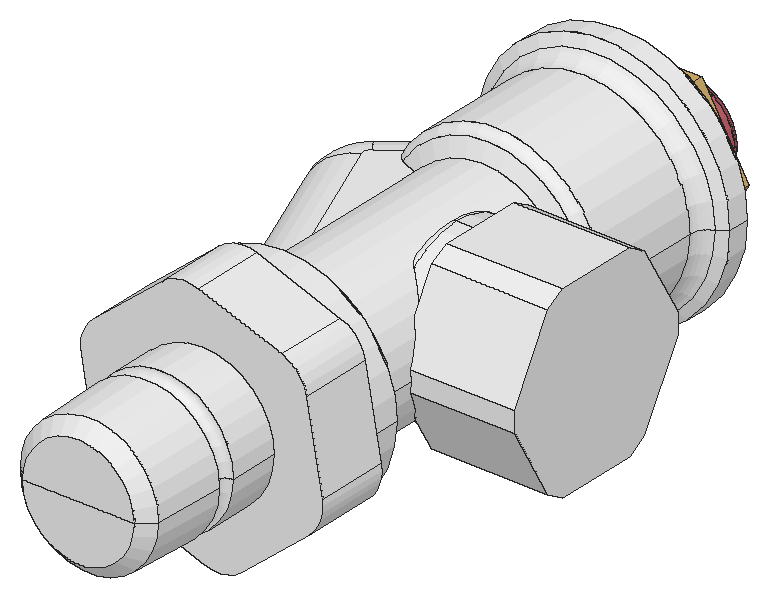
Revit family "Resideo_AxialTRV_V2000Ax", category Pipe Fittings, Revit 2019
Family settings
  Round Connector Dimension = Use Diameter
  Part Type = Elbow
  OmniClass Number = 23.65.55.14
  OmniClass Title = Valves for Liquid Services
  Work Plane-Based = No
  Always vertical = Yes
  Cut with Voids When Loaded = No
  Shared = No
Parameters (values of type "V2000AFX10")
  pH-Value = "8 - 9.5"
  _ObjectUserGuide = "https://www.bimstore.co/products/axial-thermostatic-radiator-valve-v2000a/document/object-user-guide"
  _DistributedBy = "https://www.bimstore.co/"
  _CurrentRevision = 1
  _CreatedBy = "https://www.bimstore.co/"
  _BimSpecGuid = 0
  _BSBibleVersion = 16
  _AuthorizedBy = "bimstore"
  _Author = "RL"
  WarrantyStartDate [instance] = "Please record on commissioning"
  WarrantyGuarantorParts = "https://www.resideo.com/gb/en/contact-us/"
  WarrantyGuarantorLabor = "https://www.resideo.com/gb/en/contact-us/"
  WarrantyDurationUnit = "Year"
  WarrantyDurationParts = "0"
  WarrantyDurationLabor = "0"
  WarrantyDescription = "n/a"
  ValveType = "V2000, FX-type"
  ValveInsertMaterial = Resideo - Plastic - Red
  V2000ASX15 = no
  V2000ASX10 = yes
  URL = "https://www.resideo.com/"
  TypeName = "V2000AFX10"
  Type Comments = "TRV BODY, DN10 AXIAL, FX, RP3/8"
  ThermostatConnectionType = "M30x1,5 (11,5 mm closing dimension)"
  SpareParts = "n/a"
  Size = "DN10"
  Shape = "n/a"
  SerialNumber [instance] = "Please record on commissioning"
  SecondaryMaterial = Resideo - Brass
  ReplacementCost = "n/a"
  ReferencedStandard = "n/a"
  ProductionYear = "2022"
  PrimaryMaterial = Resideo - Stainless Steel - Brushed
  PresettableKV = "Yes"
  NominalLength = 30 mm
  NominalHeight = 94 mm
  NominalDepth = 42 mm
  NBSReference = "90-10-90/364"
  NBSOfficeMasterTag = "n/a"
  NBSObjectName = "Resideo - Thermostatic radiator valves"
  NBSNote = "n/a"
  NBSDescription = "Thermostatic radiator valves"
  ModelReference = "TRV BODY, DN10 AXIAL, FX, RP3/8"
  ModelNumber = "V2000AFX10"
  Model = "V2000AFX10"
  MinimumMediumTemperature = "-10 °С (without freezing)"
  MediumType = "Water or water-glycol mixture, quality to VDI 2035"
  MaximumOperatingPressure = 1000000.0 Pa
  MaximumMediumTemperature = "120 °С"
  MaximumDifferentialPressureForQuietOperation = 20000.0 Pa
  MaximumDifferentialPressure = 100000.0 Pa
  Material = "n/a"
  ManufacturerName = "Resideo"
  Manufacturer = "Resideo"
  Keynote = "R11/180"
  InstallationDate [instance] = "Please record on commissioning"
  InsertType = "VS1200FX01 (valve insert, FX-type)"
  IfcExportType = "IfcValveTypeEnum.REGULATING"
  IfcExportAs = "IfcValve"
  Grade = "n/a"
  FlowCapacity = 0.0791667 L/s
  Finish = "n/a"
  Features = "n/a"
  ExpectedLife = 0
  DurationUnit = "Year"
  DocumentationTechnical = "https://www.bimstore.co/products/axial-thermostatic-radiator-valve-v2000a/document/technical-data-sheet"
  DocumentationMaintenance = "https://www.bimstore.co/products/axial-thermostatic-radiator-valve-v2000a/document/maintenance-information"
  DocumentationLiterature = "https://www.bimstore.co/products/axial-thermostatic-radiator-valve-v2000a/document/product-literature"
  DocumentationInstallationGuide = "https://www.bimstore.co/products/axial-thermostatic-radiator-valve-v2000a/document/installation-guide"
  DocumentationCertificates = "https://www.bimstore.co/products/axial-thermostatic-radiator-valve-v2000a/document/product-certificates"
  Description = "TRV BODY, DN10 AXIAL, FX, RP3/8"
  DNSize = 10 mm
  CreatedOn = "2022-04-05 T09:00:00"
  CreatedBy = "https://www.resideo.com/gb/en/contact-us/"
  Cost = 0
  Constituents = "n/a"
  Connector2Offset = if(V2000ASX10, 22 mm, if(V2000ASX15, 26 mm, 10 mm))  # 22 mm
  Connector1Offset = if(V2000ASX10, 30.6 mm, if(V2000ASX15, 32.3 mm, 10 mm))  # 30.6 mm
  ConnectionSize = "3/8 inch"
  ConnectionDia = if(V2000ASX10, 20 mm, if(V2000ASX15, 30 mm, 1 mm))  # 20 mm
  Color = "n/a"
  CodePerformance = "n/a"
  ClassificationValue = "Pr_65_54_95_89"
  ClassificationName = "Uniclass2015"
  BarCode [instance] = "Please record on commissioning"
  BIMObjectName = "Resideo_AxialTRV_V2000A"
  AssetType = "Fixed"
  AssetIdentifier [instance] = "Please record on commissioning"
  Assembly Code = "D2040100"
  AccessibilityPerformance = "n/a"
Types (4, lengths in mm): name | ValveType | ValveInsertMaterial | V2000ASX15 | V2000ASX10 | TypeName | Type Comments | Size | NominalHeight | NominalDepth | ModelReference | ModelNumber | Model | InsertType | FlowCapacity | Description | DNSize | Connector2Offset | Connector1Offset | ConnectionSize | ConnectionDia
  V2000ASX15 | "V2000, SX-type" | Resideo - Plastic - Ivory | yes | no | "V2000ASX15" | "TRV BODY, DN15 AXIAL, SX, RP1/2" | "DN15" | 100 | 47.5 | "TRV BODY, DN15 AXIAL, SX, RP1/2" | "V2000ASX15" | "V2000ASX15" | "VS1200SX01 (valve insert, SX-type)" | 0.194444 L/s | "TRV BODY, DN15 AXIAL, SX, RP1/2" | 15 | 26 | 32.3 | "1/2 inch" | 30
  V2000ASX10 | "V2000, SX-type" | Resideo - Plastic - Ivory | no | yes | "V2000ASX10" | "TRV BODY, DN10 AXIAL, SX, RP3/8" | "DN10" | 94 | 42 | "TRV BODY, DN10 AXIAL, SX, RP3/8" | "V2000ASX10" | "V2000ASX10" | "VS1200SX01 (valve insert, SX-type)" | 0.194444 L/s | "TRV BODY, DN10 AXIAL, SX, RP3/8" | 10 | 22 | 30.6 | "3/8 inch" | 20
  V2000AFX10 | "V2000, FX-type" | Resideo - Plastic - Red | no | yes | "V2000AFX10" | "TRV BODY, DN10 AXIAL, FX, RP3/8" | "DN10" | 94 | 42 | "TRV BODY, DN10 AXIAL, FX, RP3/8" | "V2000AFX10" | "V2000AFX10" | "VS1200FX01 (valve insert, FX-type)" | 0.0791667 L/s | "TRV BODY, DN10 AXIAL, FX, RP3/8" | 10 | 22 | 30.6 | "3/8 inch" | 20
  V2000AFX15 | "V2000, FX-type" | Resideo - Plastic - Red | yes | no | "V2000AFX15" | "TRV BODY, DN15 AXIAL, FX, RP1/2" | "DN15" | 100 | 47.5 | "TRV BODY, DN15 AXIAL, FX, RP1/2" | "V2000AFX15" | "V2000AFX15" | "VS1200FX01 (valve insert, FX-type)" | 0.0791667 L/s | "TRV BODY, DN15 AXIAL, FX, RP1/2" | 15 | 26 | 32.3 | "1/2 inch" | 30
Reference planes
  plane 1 "Center (Front/Back)": y = 0
  plane 2: z = 0
  plane 3 "Center (Left/Right)": x = 0
  plane 4: x = 8.3
  plane 5: x = 22
  plane 6: x = 10
  plane 7: x = 26
  plane 8: y = -30.568
  plane 9: y = -32.324
  plane 10: y = -30.6
  plane 11: x = 22
Forms (mm)
  Extrusion 1, solid, material "Resideo - Stainless Steel - Brushed" <- "PrimaryMaterial", visible <- "V2000ASX10"
    sketch origin (0, 0, 0) x (0, 1, 0) y (0, 0, 1)
      loop
        line (-4.947, 11) -> (-7.053, 9.785) -> (-12, 1.215) -> (-12, -1.215) -> (-7.053, -9.785) -> (-4.947, -11) -> (4.947, -11) -> (7.053, -9.785) -> (12, -1.215) -> (12, 1.215) -> (7.053, 9.785) -> (4.947, 11) -> (-4.947, 11)
    from 8.3 to 22
  Revolve 2, solid, material "Resideo - Stainless Steel - Brushed" <- "PrimaryMaterial", visible <- "V2000ASX10"
    sketch origin (0, 0, 0) x (1, 0, 0) y (0, 0, 1)
      loop
        line (3.65, 8.755) -> (0, 8.755) -> (0, 0) -> (10, 0) -> (10, 10.25) -> (5.585, 10.25)
        arc (5.585, 10.25) -> (4.974, 10.041) -> (4.617, 9.502) r 1
        arc (4.617, 9.502) -> (4.261, 8.963) -> (3.65, 8.755) r 1
      axis (0, 0) -> (10, 0)
    angle from 0 to 360
  Revolve 3, solid, material "Resideo - Stainless Steel - Brushed" <- "PrimaryMaterial", visible <- "V2000ASX10"
    sketch origin (0, 0, 0) x (1, 0, 0) y (0, 1, 0)
      loop
        line (13.5, 32.5) -> (0, 32.5) -> (0, -48.712) -> (6.569, -48.712) -> (8.175, -47.106) -> (8.47, -38.642)
        arc (8.47, -38.642) -> (7.383, -37.555) -> (8.47, -36.468) r 1.087
        line (8.47, -36.468) -> (8.47, -23.632) -> (13.407, -23.632) -> (13.407, -18.632) -> (12.844, -18.068) -> (11.45, -18.068) -> (10.429, -17.354)
        arc (10.429, -17.354) -> (9.941, -16.798) -> (9.766, -16.079) r 1.556
        line (9.766, -16.079) -> (9.766, 10.619) -> (11.633, 11.489)
        arc (11.633, 11.489) -> (12.264, 12.043) -> (12.499, 12.849) r 1.5
        line (12.499, 12.849) -> (12.499, 25.613)
        arc (12.499, 25.613) -> (12.834, 26.863) -> (13.749, 27.778) r 2.5
        line (13.749, 27.778) -> (15, 28.5) -> (15, 31) -> (13.5, 32.5)
      axis (0, 32.5) -> (0, -48.712)
    angle from 0 to 360
  Extrusion 4, solid, material "Resideo - Stainless Steel - Brushed" <- "PrimaryMaterial", visible <- "V2000ASX10"
    sketch origin (0, 0, 0) x (1, 0, 0) y (0, 0, 1)
      loop
        line (-4.781, 13.653) -> (-12.701, 6.924)
        arc (-12.701, 6.924) -> (-14.025, 5.007) -> (-14.214, 2.686) r 4.5
        line (-14.214, 2.686) -> (-12.347, -7.537)
        arc (-12.347, -7.537) -> (-11.349, -9.642) -> (-9.433, -10.967) r 4.5
        line (-9.433, -10.967) -> (0.354, -14.461)
        arc (0.354, -14.461) -> (2.676, -14.65) -> (4.781, -13.653) r 4.5
        line (4.781, -13.653) -> (12.701, -6.924)
        arc (12.701, -6.924) -> (14.025, -5.007) -> (14.214, -2.686) r 4.5
        line (14.214, -2.686) -> (12.347, 7.537)
        arc (12.347, 7.537) -> (11.349, 9.642) -> (9.433, 10.967) r 4.5
        line (9.433, 10.967) -> (-0.354, 14.461)
        arc (-0.354, 14.461) -> (-2.676, 14.65) -> (-4.781, 13.653) r 4.5
    from 22 to 30.568
  Extrusion 5, solid, material "Resideo - Brass" <- "SecondaryMaterial", visible <- "V2000ASX10"
    sketch origin (0, 0, 0) x (1, 0, 0) y (0, 0, 1)
      loop
        line (5.485, 9.5) -> (-5.485, 9.5) -> (-10.97, 0) -> (-5.485, -9.5) -> (5.485, -9.5) -> (10.97, 0) -> (5.485, 9.5)
    from -36.2 to -32.5
  Revolve 6, solid, material "Resideo - Plastic - Red" <- "ValveInsertMaterial", visible <- "V2000ASX10"
    sketch origin (0, 0, 0) x (1, 0, 0) y (0, 1, 0)
      loop
        line (-5.63, 41.2) -> (-6.095, 40.395) -> (-6.095, 36.2) -> (0, 36.2) -> (0, 41.2) -> (-5.63, 41.2)
      axis (0, 41.2) -> (0, 36.2)
    angle from 0 to 360
  Sweep 7, solid, material "Resideo - Stainless Steel - Brushed" <- "PrimaryMaterial", visible <- "V2000ASX10"
    path origin (0, 0, 0) x (1, 0, 0) y (0, 1, 0)
      loop
        line (-8.509, -19.014) -> (-19.446, 8.056)
        arc (-19.446, 8.056) -> (-19.685, 12.607) -> (-17.07, 16.341) r 7
        line (-17.07, 16.341) -> (-9.631, 21.746)
    profile origin (-13.978, -5.479, 0) x (-0.927184, -0.374607, 0) y (0, 0, 1)
      loop
        arc (-6, -6) -> (0, 0) -> (-6, 6) r 6
        line (-6, 6) -> (-6, -6)
  Extrusion 8, solid, material "Resideo - Stainless Steel - Brushed" <- "PrimaryMaterial", visible <- "V2000ASX10"
    sketch origin (0, 0, 0) x (1, 0, 0) y (0, 1, 0)
      loop
        line (-6.398, 16.678) -> (-13.544, 11.487)
        arc (-13.544, 11.487) -> (-13.917, 10.954) -> (-13.883, 10.303) r 1
        line (-13.883, 10.303) -> (-6.398, -8.221) -> (-6.398, 16.678)
    from -6 to 6
  Extrusion 9, solid, material "Resideo - Brass" <- "SecondaryMaterial", visible <- "V2000ASX15"
    sketch origin (0, 2, 0) x (1, 0, 0) y (0, 0, 1)
      loop
        line (5.485, 9.5) -> (-5.485, 9.5) -> (-10.97, 0) -> (-5.485, -9.5) -> (5.485, -9.5) -> (10.97, 0) -> (5.485, 9.5)
    from -36.2 to -32.5
  Revolve 10, solid, material "Resideo - Plastic - Red" <- "ValveInsertMaterial", visible <- "V2000ASX15"
    sketch origin (0, 2, 0) x (1, 0, 0) y (0, 1, 0)
      loop
        line (-5.63, 41.2) -> (-6.095, 40.395) -> (-6.095, 36.2) -> (0, 36.2) -> (0, 41.2) -> (-5.63, 41.2)
      axis (0, 41.2) -> (0, 36.2)
    angle from 0 to 360
  Revolve 11, solid, material "Resideo - Stainless Steel - Brushed" <- "PrimaryMaterial", visible <- "V2000ASX15"
    sketch origin (0, 2, 0) x (1, 0, 0) y (0, 1, 0)
      loop
        line (13.5, 32.5) -> (0, 32.5) -> (0, -55.98) -> (8.739, -55.98) -> (10.27, -54.449) -> (10.675, -42.861)
        arc (10.675, -42.861) -> (9.458, -41.398) -> (10.639, -39.905) r 1.51
        line (10.639, -39.905) -> (10.639, -25.888) -> (14.699, -25.888) -> (14.699, -20.888) -> (14.135, -20.324) -> (11.45, -20.324) -> (10.663, -19.773)
        arc (10.663, -19.773) -> (10.176, -19.217) -> (10, -18.499) r 1.556
        line (10, -18.499) -> (10, 10.728) -> (11.633, 11.489)
        arc (11.633, 11.489) -> (12.264, 12.043) -> (12.499, 12.849) r 1.5
        line (12.499, 12.849) -> (12.499, 25.613)
        arc (12.499, 25.613) -> (12.834, 26.863) -> (13.749, 27.778) r 2.5
        line (13.749, 27.778) -> (15, 28.5) -> (15, 31) -> (13.5, 32.5)
      axis (0, 32.5) -> (0, -55.98)
    angle from 0 to 360
  Sweep 12, solid, material "Resideo - Stainless Steel - Brushed" <- "PrimaryMaterial", visible <- "V2000ASX15"
    path origin (-1.406, 0.469, 0) x (1, 0, 0) y (0, 1, 0)
      loop
        line (-8.509, -19.014) -> (-19.446, 8.056)
        arc (-19.446, 8.056) -> (-19.685, 12.607) -> (-17.07, 16.341) r 7
        line (-17.07, 16.341) -> (-9.631, 21.746)
    profile origin (-15.384, -5.01, 0) x (-0.927184, -0.374607, 0) y (0, 0, 1)
      loop
        arc (-6, -6) -> (0, 0) -> (-6, 6) r 6
        line (-6, 6) -> (-6, -6)
  Extrusion 13, solid, material "Resideo - Stainless Steel - Brushed" <- "PrimaryMaterial", visible <- "V2000ASX15"
    sketch origin (-1.406, 0.469, 0) x (1, 0, 0) y (0, 1, 0)
      loop
        line (-6.398, 16.678) -> (-13.544, 11.487)
        arc (-13.544, 11.487) -> (-13.917, 10.954) -> (-13.883, 10.303) r 1
        line (-13.883, 10.303) -> (-6.398, -8.221) -> (-6.398, 16.678)
    from -6 to 6
  Extrusion 14, solid, material "Resideo - Stainless Steel - Brushed" <- "PrimaryMaterial", visible <- "V2000ASX15"
    sketch origin (0, 0, 0) x (1, 0, 0) y (0, 0, 1)
      loop
        line (-2.78, 15.831) -> (-12.676, 9.881)
        arc (-12.676, 9.881) -> (-14.474, 8.019) -> (-15.1, 5.508) r 5
        line (-15.1, 5.508) -> (-14.896, -6.037)
        arc (-14.896, -6.037) -> (-14.182, -8.525) -> (-12.32, -10.323) r 5
        line (-12.32, -10.323) -> (-2.219, -15.919)
        arc (-2.219, -15.919) -> (0.292, -16.544) -> (2.78, -15.831) r 5
        line (2.78, -15.831) -> (12.676, -9.881)
        arc (12.676, -9.881) -> (14.474, -8.019) -> (15.1, -5.508) r 5
        line (15.1, -5.508) -> (14.896, 6.037)
        arc (14.896, 6.037) -> (14.182, 8.525) -> (12.32, 10.323) r 5
        line (12.32, 10.323) -> (2.219, 15.919)
        arc (2.219, 15.919) -> (-0.292, 16.544) -> (-2.78, 15.831) r 5
    from 22 to 32.324
  Extrusion 15, solid, material "Resideo - Stainless Steel - Brushed" <- "PrimaryMaterial", visible <- "V2000ASX15"
    sketch origin (0, 0, 0) x (0, 1, 0) y (0, 0, 1)
      loop
        line (-6.072, 13.5) -> (-8.655, 12.008) -> (-14.727, 1.492) -> (-14.727, -1.492) -> (-8.655, -12.008) -> (-6.072, -13.5) -> (6.072, -13.5) -> (8.655, -12.008) -> (14.727, -1.492) -> (14.727, 1.492) -> (8.655, 12.008) -> (6.072, 13.5) -> (-6.072, 13.5)
    from 10 to 26
  Revolve 16, solid, material "Resideo - Stainless Steel - Brushed" <- "PrimaryMaterial", visible <- "V2000ASX15"
    sketch origin (0, 0, 0) x (1, 0, 0) y (0, 0, 1)
      loop
        line (3.65, 10) -> (0, 10) -> (0, 0) -> (10.963, 0) -> (10.963, 11.495) -> (5.585, 11.495)
        arc (5.585, 11.495) -> (4.974, 11.287) -> (4.617, 10.748) r 1
        arc (4.617, 10.748) -> (4.261, 10.209) -> (3.65, 10) r 1
      axis (0, 0) -> (10.963, 0)
    angle from 0 to 360
  Revolve 17, solid, material "Resideo - Stainless Steel - Brushed" <- "PrimaryMaterial", visible <- "V2000ASX10"
    sketch origin (0, 0, 0) x (1, 0, 0) y (0, 1, 0)
      loop
        line (0, 44) -> (-1.39, 44)
        arc (-1.39, 44) -> (-1.806, 43.827) -> (-1.979, 43.411) r 0.589
        line (-1.979, 43.411) -> (-1.979, 41.2) -> (0, 41.2) -> (0, 44)
      axis (0, 41.2) -> (0, 44)
    angle from 0 to 360
  Revolve 18, solid, material "Resideo - Stainless Steel - Brushed" <- "PrimaryMaterial", visible <- "V2000ASX15"
    sketch origin (0, 0, 0) x (1, 0, 0) y (0, 1, 0)
      loop
        line (0, 46) -> (-1.39, 46)
        arc (-1.39, 46) -> (-1.806, 45.827) -> (-1.979, 45.411) r 0.589
        line (-1.979, 45.411) -> (-1.979, 43.2) -> (0, 43.2) -> (0, 46)
      axis (0, 43.2) -> (0, 46)
    angle from 0 to 360
Cuts and joins
  joined: Sweep 7, Extrusion 8
  joined: Extrusion 1, Revolve 2, Revolve 3, Extrusion 4
  joined: Revolve 11, Extrusion 14, Revolve 16
  joined: Sweep 12, Extrusion 13
Lines and regions (mm)
  reference lines
    curve 1: line (0, 0, 0) -> (22, 0, 0)
    curve 2: line (0, 0, 0) -> (0, -30.6, 0)
Dimensions and locks
  plane 3 "Center (Left/Right)" to plane 4 to plane 6 to plane 5 to plane 7 = 8.3 mm locked, 1.7 mm locked, 12 mm locked, 4 mm locked
  plane 9 to plane 8 to plane 1 "Center (Front/Back)" = 1.756 mm locked, 30.568 mm locked
  "Connector1Offset": plane 1 "Center (Front/Back)" to plane 10
  "Connector2Offset": plane 3 "Center (Left/Right)" to plane 11
  aligned and locked: level to plane 2
  aligned and locked: cut or joined group of Extrusion 1, Revolve 2, Revolve 3, Extrusion 4 to plane 4
  aligned and locked: plane 5 to cut or joined group of Extrusion 1, Revolve 2, Revolve 3, Extrusion 4
  aligned and locked: Extrusion 15 to plane 6
  aligned and locked: plane 7 to Extrusion 15
  aligned and locked: plane 1 "Center (Front/Back)" to curve 1
  aligned and locked: curve 2 to plane 3 "Center (Left/Right)"
  aligned and locked: plane 10 to curve 2
  aligned and locked: plane 11 to curve 1
Automatic sketch dimensions
  Extrusion 1 sketch curve to level = 1.215 mm  (x2)
  plane 1 "Center (Front/Back)" to Extrusion 1 sketch curve = 12 mm
  plane 1 "Center (Front/Back)" to Extrusion 1 sketch curve = 7.053 mm  (x2)
  Extrusion 1 sketch curve to Extrusion 1 sketch curve = 2.105 mm  (x4)
  Extrusion 1 sketch curve to plane 1 "Center (Front/Back)" = 4.947 mm  (x2)
  Extrusion 1 sketch curve to Extrusion 1 sketch curve = 4.947 mm
  Extrusion 1 sketch curve to level = 9.785 mm  (x2)
  Extrusion 1 sketch curve to Extrusion 1 sketch curve = 1.215 mm  (x2)
  level to Extrusion 1 sketch curve = 1.215 mm  (x2)
  level to Extrusion 1 sketch curve = 9.785 mm  (x2)
  Revolve 2 sketch curve to level = 0 mm  (x2)
  Revolve 2 sketch curve to plane 3 "Center (Left/Right)" = 0 mm
  Revolve 2 sketch curve to plane 6 = 0 mm
  plane 3 "Center (Left/Right)" to Revolve 2 sketch curve = 3.65 mm
  Revolve 2 sketch curve to Revolve 2 sketch curve = 1.935 mm
  level to Revolve 2 sketch curve = 8.755 mm
  Revolve 2 sketch curve to Revolve 2 sketch curve = 0.495 mm
  Revolve 2 sketch curve to Revolve 2 sketch curve = 1 mm  (x2)
  Revolve 2 sketch curve to plane 3 "Center (Left/Right)" = 1351.99 mm
  plane 7 to Revolve 2 sketch curve = 1872.983 mm
  Revolve 3 sketch curve to plane 3 "Center (Left/Right)" = 0 mm  (x2)
  Revolve 3 sketch curve to plane 4 = 1.731 mm
  Revolve 3 sketch curve to plane 4 = 0.125 mm
  plane 4 to Revolve 3 sketch curve = 0.17 mm
  Revolve 3 sketch curve to plane 6 = 0.234 mm
  plane 6 to Revolve 3 sketch curve = 0.429 mm
  plane 6 to Revolve 3 sketch curve = 0.999 mm
  plane 6 to Revolve 3 sketch curve = 1.321 mm
  Revolve 3 sketch curve to Revolve 3 sketch curve = 1.021 mm
  Revolve 3 sketch curve to Revolve 3 sketch curve = 0.634 mm
  plane 6 to Revolve 3 sketch curve = 2.499 mm
  Revolve 3 sketch curve to Revolve 3 sketch curve = 1.394 mm
  plane 6 to Revolve 3 sketch curve = 3.407 mm
  plane 6 to Revolve 3 sketch curve = 3.5 mm
  Revolve 3 sketch curve to Revolve 3 sketch curve = 1.25 mm  (x2)
  Revolve 3 sketch curve to Revolve 3 sketch curve = 1.5 mm  (x2)
  Revolve 3 sketch curve to plane 9 = 16.388 mm
  Revolve 3 sketch curve to Revolve 3 sketch curve = 1.606 mm
  Revolve 3 sketch curve to plane 9 = 6.319 mm
  Revolve 3 sketch curve to Revolve 3 sketch curve = 1.087 mm
  plane 8 to Revolve 3 sketch curve = 6.936 mm
  Revolve 3 sketch curve to Revolve 3 sketch curve = 5 mm
  Revolve 3 sketch curve to Revolve 3 sketch curve = 0.564 mm
  Revolve 3 sketch curve to Revolve 3 sketch curve = 0.715 mm
  Revolve 3 sketch curve to plane 1 "Center (Front/Back)" = 10.619 mm
  Revolve 3 sketch curve to Revolve 3 sketch curve = 0.871 mm
  Revolve 3 sketch curve to Revolve 3 sketch curve = 12.764 mm
  Revolve 3 sketch curve to Revolve 3 sketch curve = 0.722 mm
  Revolve 3 sketch curve to Revolve 3 sketch curve = 2.5 mm
  Revolve 3 sketch curve to Revolve 3 sketch curve = 1951.288 mm
  Revolve 3 sketch curve to Revolve 3 sketch curve = 1967.5 mm
  level to Extrusion 4 sketch curve = 2.686 mm
  Extrusion 4 sketch curve to plane 3 "Center (Left/Right)" = 14.214 mm
  level to Extrusion 4 sketch curve = 6.924 mm
  Extrusion 4 sketch curve to Extrusion 4 sketch curve = 1.513 mm
  Extrusion 4 sketch curve to Extrusion 4 sketch curve = 1.867 mm
  level to Extrusion 4 sketch curve = 3.494 mm
  Extrusion 4 sketch curve to Extrusion 4 sketch curve = 2.914 mm
  Extrusion 4 sketch curve to Extrusion 4 sketch curve = 4.427 mm
  Extrusion 4 sketch curve to plane 3 "Center (Left/Right)" = 4.781 mm
  Extrusion 4 sketch curve to plane 3 "Center (Left/Right)" = 1.867 mm
  Extrusion 4 sketch curve to plane 3 "Center (Left/Right)" = 0.354 mm
  plane 3 "Center (Left/Right)" to Extrusion 4 sketch curve = 0.354 mm
  plane 3 "Center (Left/Right)" to Extrusion 4 sketch curve = 1.867 mm
  Extrusion 4 sketch curve to plane 4 = 3.519 mm
  Extrusion 4 sketch curve to plane 4 = 0.38 mm
  Extrusion 4 sketch curve to plane 6 = 0.567 mm
  Extrusion 4 sketch curve to plane 6 = 0.213 mm
  plane 6 to Extrusion 4 sketch curve = 2.347 mm
  plane 6 to Extrusion 4 sketch curve = 2.701 mm
  Extrusion 4 sketch curve to level = 2.686 mm
  plane 6 to Extrusion 4 sketch curve = 4.214 mm
  Extrusion 4 sketch curve to level = 3.494 mm
  Extrusion 4 sketch curve to level = 6.729 mm
  Extrusion 4 sketch curve to Extrusion 4 sketch curve = 0.809 mm  (x2)
  Extrusion 4 sketch curve to level = 10.223 mm
  Extrusion 4 sketch curve to Extrusion 4 sketch curve = 3.429 mm  (x2)
  level to Extrusion 4 sketch curve = 6.729 mm
  level to Extrusion 4 sketch curve = 10.223 mm
  Extrusion 5 sketch curve to level = 0 mm  (x2)
  Extrusion 5 sketch curve to plane 3 "Center (Left/Right)" = 10.97 mm
  Extrusion 5 sketch curve to plane 3 "Center (Left/Right)" = 5.485 mm  (x2)
  Extrusion 5 sketch curve to plane 4 = 2.815 mm  (x2)
  plane 6 to Extrusion 5 sketch curve = 0.97 mm
  Extrusion 5 sketch curve to level = 9.5 mm
  level to Extrusion 5 sketch curve = 9.5 mm
  Sweep 7 sketch curve to plane 1 "Center (Front/Back)" = 8.056 mm
  Sweep 7 sketch curve to plane 3 "Center (Left/Right)" = 19.446 mm
  Sweep 7 sketch curve to Sweep 7 sketch curve = 2.376 mm
  Sweep 7 sketch curve to Sweep 7 sketch curve = 6.49 mm
  Sweep 7 sketch curve to Sweep 7 sketch curve = 2.622 mm
  Sweep 7 sketch curve to Sweep 7 sketch curve = 7.439 mm
  Sweep 7 sketch curve to plane 3 "Center (Left/Right)" = 8.509 mm
  plane 8 to Sweep 7 sketch curve = 11.555 mm
  Sweep 7 sketch curve to Sweep 7 sketch curve = 5.405 mm
  level to Sweep 7 sketch curve = 0 mm
  profile plane to Sweep 7 sketch curve = 6 mm
  Sweep 7 sketch curve to level = 6 mm
  Extrusion 8 sketch curve to plane 3 "Center (Left/Right)" = 13.883 mm
  Extrusion 8 sketch curve to Extrusion 8 sketch curve = 0.339 mm
  Extrusion 8 sketch curve to Extrusion 8 sketch curve = 0.927 mm
  Extrusion 8 sketch curve to plane 3 "Center (Left/Right)" = 6.398 mm
  plane 1 "Center (Front/Back)" to Extrusion 8 sketch curve = 8.221 mm
  Extrusion 8 sketch curve to plane 1 "Center (Front/Back)" = 10.303 mm
  Extrusion 8 sketch curve to Extrusion 8 sketch curve = 0.375 mm
  Extrusion 8 sketch curve to Extrusion 8 sketch curve = 5.191 mm
  Extrusion 9 sketch curve to level = 0 mm  (x2)
  Extrusion 9 sketch curve to plane 3 "Center (Left/Right)" = 10.97 mm
  Extrusion 9 sketch curve to plane 3 "Center (Left/Right)" = 5.485 mm  (x2)
  Extrusion 9 sketch curve to plane 4 = 2.815 mm  (x2)
  plane 6 to Extrusion 9 sketch curve = 0.97 mm
  Extrusion 9 sketch curve to level = 9.5 mm
  level to Extrusion 9 sketch curve = 9.5 mm
  Revolve 11 sketch curve to plane 3 "Center (Left/Right)" = 0 mm  (x2)
  Revolve 11 sketch curve to plane 6 = 0 mm
  plane 4 to Revolve 11 sketch curve = 0.439 mm
  plane 6 to Revolve 11 sketch curve = 0.27 mm
  plane 6 to Revolve 11 sketch curve = 0.639 mm
  plane 6 to Revolve 11 sketch curve = 0.663 mm
  plane 6 to Revolve 11 sketch curve = 0.675 mm
  plane 6 to Revolve 11 sketch curve = 0.968 mm
  plane 6 to Revolve 11 sketch curve = 0.999 mm
  Revolve 11 sketch curve to Revolve 11 sketch curve = 0.787 mm
  Revolve 11 sketch curve to Revolve 11 sketch curve = 0.892 mm
  Revolve 11 sketch curve to Revolve 11 sketch curve = 0.634 mm
  Revolve 11 sketch curve to Revolve 11 sketch curve = 1.5 mm  (x3)
  plane 6 to Revolve 11 sketch curve = 3.5 mm
  Revolve 11 sketch curve to Revolve 11 sketch curve = 1.25 mm  (x2)
  Revolve 11 sketch curve to Revolve 11 sketch curve = 2.685 mm
  Revolve 11 sketch curve to Revolve 11 sketch curve = 0.564 mm  (x2)
  Revolve 11 sketch curve to plane 9 = 21.657 mm
  Revolve 11 sketch curve to Revolve 11 sketch curve = 1.531 mm
  Revolve 11 sketch curve to plane 9 = 8.537 mm
  Revolve 11 sketch curve to Revolve 11 sketch curve = 1.482 mm
  plane 8 to Revolve 11 sketch curve = 6.681 mm
  Revolve 11 sketch curve to Revolve 11 sketch curve = 5 mm
  Revolve 11 sketch curve to Revolve 11 sketch curve = 0.551 mm
  Revolve 11 sketch curve to plane 1 "Center (Front/Back)" = 12.728 mm
  Revolve 11 sketch curve to Revolve 11 sketch curve = 0.761 mm
  Revolve 11 sketch curve to Revolve 11 sketch curve = 12.764 mm
  Revolve 11 sketch curve to Revolve 11 sketch curve = 0.722 mm
  Revolve 11 sketch curve to Revolve 11 sketch curve = 2.5 mm
  Revolve 11 sketch curve to Revolve 11 sketch curve = 1944.02 mm
  Revolve 11 sketch curve to Revolve 11 sketch curve = 1967.5 mm
  Sweep 12 sketch curve to plane 1 "Center (Front/Back)" = 8.524 mm
  Sweep 12 sketch curve to plane 3 "Center (Left/Right)" = 20.852 mm
  Sweep 12 sketch curve to Sweep 12 sketch curve = 2.376 mm
  Sweep 12 sketch curve to Sweep 12 sketch curve = 6.49 mm
  Sweep 12 sketch curve to Sweep 12 sketch curve = 2.622 mm
  Sweep 12 sketch curve to Sweep 12 sketch curve = 7.439 mm
  Sweep 12 sketch curve to plane 3 "Center (Left/Right)" = 9.916 mm
  plane 8 to Sweep 12 sketch curve = 12.024 mm
  Sweep 12 sketch curve to Sweep 12 sketch curve = 5.405 mm
  level to Sweep 12 sketch curve = 0 mm
  profile plane to Sweep 12 sketch curve = 6 mm
  Sweep 12 sketch curve to level = 6 mm
  Extrusion 13 sketch curve to plane 3 "Center (Left/Right)" = 15.289 mm
  Extrusion 13 sketch curve to Extrusion 13 sketch curve = 0.339 mm
  Extrusion 13 sketch curve to Extrusion 13 sketch curve = 0.927 mm
  Extrusion 13 sketch curve to plane 3 "Center (Left/Right)" = 7.805 mm
  plane 1 "Center (Front/Back)" to Extrusion 13 sketch curve = 7.753 mm
  Extrusion 13 sketch curve to plane 1 "Center (Front/Back)" = 10.772 mm
  Extrusion 13 sketch curve to Extrusion 13 sketch curve = 0.375 mm
  Extrusion 13 sketch curve to Extrusion 13 sketch curve = 5.191 mm
  level to Extrusion 14 sketch curve = 5.508 mm
  Extrusion 14 sketch curve to plane 3 "Center (Left/Right)" = 15.1 mm
  Extrusion 14 sketch curve to level = 6.037 mm
  Extrusion 14 sketch curve to Extrusion 14 sketch curve = 0.204 mm
  level to Extrusion 14 sketch curve = 9.881 mm
  Extrusion 14 sketch curve to Extrusion 14 sketch curve = 2.423 mm
  Extrusion 14 sketch curve to Extrusion 14 sketch curve = 2.576 mm  (x2)
  Extrusion 14 sketch curve to Extrusion 14 sketch curve = 4.999 mm  (x2)
  Extrusion 14 sketch curve to plane 3 "Center (Left/Right)" = 2.78 mm
  Extrusion 14 sketch curve to plane 3 "Center (Left/Right)" = 2.219 mm
  Extrusion 14 sketch curve to plane 3 "Center (Left/Right)" = 0.204 mm
  plane 3 "Center (Left/Right)" to Extrusion 14 sketch curve = 0.204 mm
  plane 3 "Center (Left/Right)" to Extrusion 14 sketch curve = 2.219 mm
  plane 3 "Center (Left/Right)" to Extrusion 14 sketch curve = 2.78 mm
  Extrusion 14 sketch curve to plane 6 = 0.103 mm
  plane 6 to Extrusion 14 sketch curve = 0.1 mm
  plane 6 to Extrusion 14 sketch curve = 2.32 mm
  plane 6 to Extrusion 14 sketch curve = 2.676 mm
  plane 6 to Extrusion 14 sketch curve = 4.896 mm
  Extrusion 14 sketch curve to level = 9.881 mm
  Extrusion 14 sketch curve to Extrusion 14 sketch curve = 4.285 mm  (x4)
  Extrusion 14 sketch curve to level = 11.545 mm
  level to Extrusion 14 sketch curve = 5.949 mm
  Extrusion 14 sketch curve to Extrusion 14 sketch curve = 0.088 mm
  level to Extrusion 14 sketch curve = 11.545 mm
  Extrusion 15 sketch curve to level = 1.492 mm  (x2)
  plane 1 "Center (Front/Back)" to Extrusion 15 sketch curve = 14.727 mm
  plane 1 "Center (Front/Back)" to Extrusion 15 sketch curve = 8.655 mm  (x2)
  Extrusion 15 sketch curve to Extrusion 15 sketch curve = 2.584 mm  (x4)
  Extrusion 15 sketch curve to plane 1 "Center (Front/Back)" = 6.072 mm  (x2)
  Extrusion 15 sketch curve to Extrusion 15 sketch curve = 6.072 mm
  Extrusion 15 sketch curve to level = 12.008 mm  (x2)
  Extrusion 15 sketch curve to Extrusion 15 sketch curve = 1.492 mm  (x2)
  level to Extrusion 15 sketch curve = 1.492 mm  (x2)
  level to Extrusion 15 sketch curve = 12.008 mm  (x2)
  Revolve 16 sketch curve to level = 0 mm  (x2)
  Revolve 16 sketch curve to plane 3 "Center (Left/Right)" = 0 mm
  plane 3 "Center (Left/Right)" to Revolve 16 sketch curve = 3.65 mm
  Revolve 16 sketch curve to Revolve 16 sketch curve = 1.935 mm
  plane 6 to Revolve 16 sketch curve = 0.963 mm
  level to Revolve 16 sketch curve = 10 mm
  Revolve 16 sketch curve to Revolve 16 sketch curve = 0.495 mm
  Revolve 16 sketch curve to Revolve 16 sketch curve = 1 mm  (x2)
  Revolve 16 sketch curve to plane 3 "Center (Left/Right)" = 1351.99 mm
  plane 7 to Revolve 16 sketch curve = 1872.983 mm
  Revolve 6 sketch curve to plane 3 "Center (Left/Right)" = 0 mm  (x2)
  Revolve 6 sketch curve to plane 3 "Center (Left/Right)" = 5.63 mm
  Revolve 6 sketch curve to Revolve 6 sketch curve = 0.465 mm
  Revolve 6 sketch curve to plane 1 "Center (Front/Back)" = 36.2 mm
  Revolve 6 sketch curve to Revolve 6 sketch curve = 4.195 mm
  Revolve 6 sketch curve to Revolve 6 sketch curve = 0.805 mm
  plane 8 to Revolve 6 sketch curve = 14.993 mm
  Revolve 6 sketch curve to plane 9 = 1967.676 mm
  Revolve 17 sketch curve to plane 3 "Center (Left/Right)" = 0 mm  (x2)
  Revolve 17 sketch curve to plane 3 "Center (Left/Right)" = 1.39 mm
  Revolve 17 sketch curve to plane 3 "Center (Left/Right)" = 1.979 mm
  Revolve 17 sketch curve to plane 1 "Center (Front/Back)" = 41.2 mm
  Revolve 17 sketch curve to Revolve 17 sketch curve = 2.211 mm
  Revolve 17 sketch curve to Revolve 17 sketch curve = 0 mm
  Revolve 17 sketch curve to Revolve 17 sketch curve = 4.114 mm
  Revolve 10 sketch curve to plane 3 "Center (Left/Right)" = 0 mm  (x2)
  Revolve 10 sketch curve to plane 3 "Center (Left/Right)" = 5.63 mm
  Revolve 10 sketch curve to Revolve 10 sketch curve = 0.465 mm
  Revolve 10 sketch curve to plane 1 "Center (Front/Back)" = 38.2 mm
  Revolve 10 sketch curve to Revolve 10 sketch curve = 4.195 mm
  Revolve 10 sketch curve to Revolve 10 sketch curve = 0.805 mm
  Revolve 10 sketch curve to Revolve 10 sketch curve = 238.8 mm
  Revolve 10 sketch curve to Revolve 10 sketch curve = 1720 mm
  Revolve 18 sketch curve to plane 3 "Center (Left/Right)" = 0 mm  (x2)
  Revolve 18 sketch curve to plane 3 "Center (Left/Right)" = 1.39 mm
  Revolve 18 sketch curve to plane 3 "Center (Left/Right)" = 1.979 mm
  Revolve 18 sketch curve to plane 1 "Center (Front/Back)" = 43.2 mm
  Revolve 18 sketch curve to Revolve 18 sketch curve = 2.211 mm
  Revolve 18 sketch curve to Revolve 18 sketch curve = 0 mm
  Revolve 18 sketch curve to Revolve 18 sketch curve = 1.941 mm
Connectors
  piping at (0, -30.6, 0), diameter 20, driven by "ConnectionDia"
    settings: on curve 2, index 1, connector inside diameter 609.6 mm, connector length 0 mm, flow factor 0, pipe flow 0.0 L/s, pressure drop 0.0 Pa, fitting loss kfactor 0, connector angle 0.00°, fixture units 0, engagement length 0 mm, angle of deflection 0.00°, flow configuration 0, flow direction 0, fitting loss method 0, system type 29, joint type 0, gender type 0, connector reference index -1, connector utility 0, adjustable connector no, is connector primary yes, connector description ""
  piping at (22, 0, 0), diameter 20, driven by "ConnectionDia"
    settings: on curve 1, index 2, connector inside diameter 609.6 mm, connector length 0 mm, flow factor 0, pipe flow 0.0 L/s, pressure drop 0.0 Pa, fitting loss kfactor 0, connector angle 0.00°, fixture units 0, engagement length 0 mm, angle of deflection 0.00°, flow configuration 0, flow direction 0, fitting loss method 0, system type 29, joint type 0, gender type 0, connector reference index -1, connector utility 0, adjustable connector no, is connector primary no, connector description ""
